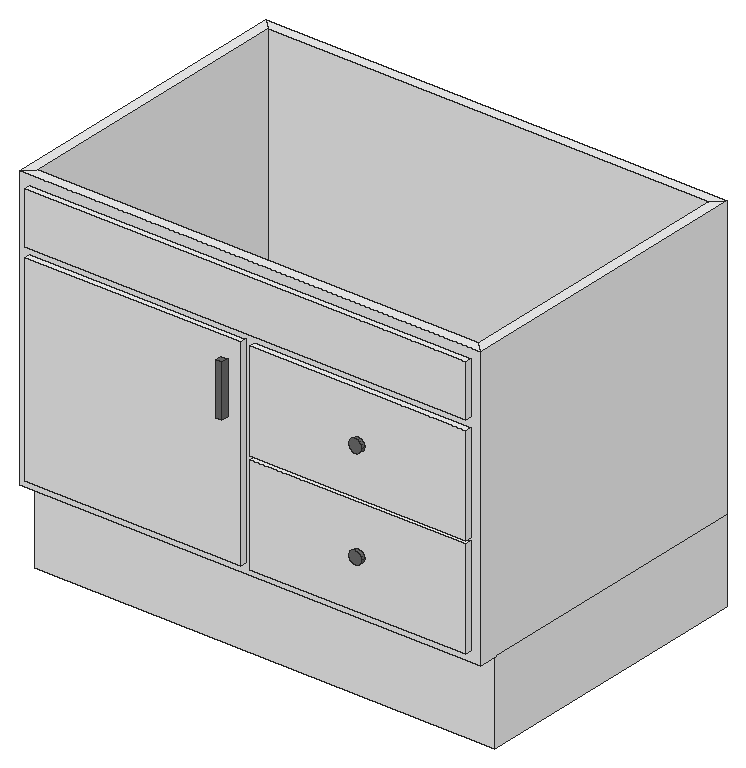
Revit family
Parameters (values of type "900mm")
  Cabinet Material = none
  Depth = 600 mm
  Door/Drawer Material = none
  Handle Material = Cabinets - Handles
  Height = 710 mm
  Plinth Depth = 35 mm
  Plinth Height = 160 mm
  Width = 900 mm
Types (4, lengths in mm): name | Width
  (no name) | 900
  900mm | 900
  1000mm | 1000
  1200mm | 1200
Reference planes
  plane 1 "Back": y = 0
  plane 2: z = 0
  plane 3 "Center": x = 94.938
  plane 4 "Left": x = -355.062
  plane 5 "Right": x = 544.938
  plane 6 "Front": y = -600
  plane 7 "Top": z = 710
  plane 8: y = -565
  plane 9: z = 160
  plane 10: z = 690.95
  plane 11: z = 179.05
  plane 12: x = -336.012
  plane 13: x = 525.888
  plane 14: z = 589.35
  plane 15: z = 570.3
  plane 16: z = 532.2
  plane 17: z = 430.6
  plane 18: x = 60.013
  plane 19: x = 47.313
  plane 20: x = 85.413
  plane 21: x = 104.463
  plane 22: x = 315.175
  plane 23: z = 472.488
  plane 24: z = 276.862
  plane 25: z = 374.675
  plane 26: z = 374.675
Forms (mm)
  Extrusion 1, solid, material "Cabinets"
    sketch origin (0, 0, 0) x (1, 0, 0) y (0, 1, 0)
      loop
        line (-355.062, 0) -> (-355.062, -565) -> (544.938, -565) -> (544.938, 0) -> (-355.062, 0)
    from 0 to 160
  Sweep 2, solid, material "Cabinets"
    path origin (0, 0, 0) x (1, 0, 0) y (0, 1, 0)
      loop
        line (544.938, 0) -> (-355.062, 0) -> (-355.062, -600) -> (544.938, -600) -> (544.938, 0)
    profile origin (0, -300, 0) x (1, 0, 0) y (0, 0, 1)
      loop
        line (544.938, 160) -> (544.938, 710) -> (525.888, 710) -> (525.888, 160) -> (544.938, 160)
  Extrusion 3, solid, material "Cabinets"
    sketch origin (0, 0, 0) x (1, 0, 0) y (0, 1, 0)
      loop
        line (-336.012, -19.05) -> (-336.012, -580.95) -> (525.888, -580.95) -> (525.888, -19.05) -> (-336.012, -19.05)
    from 179.05 to 160
  Extrusion 4, solid, material "Cabinets - Handles" <- "Handle Material"
    sketch origin (0, -600, 0) x (1, 0, 0) y (0, 0, 1)
      loop
        circle (315.175, 472.488) r 12.7
    from 12.7 to 19.05
  Extrusion 5, solid, material "Cabinets - Handles" <- "Handle Material"
    sketch origin (0, -600, 0) x (1, 0, 0) y (0, 0, 1)
      loop
        circle (315.175, 276.862) r 12.7
    from 12.7 to 19.05
  Extrusion 6, solid, material <- "Door/Drawer Material"
    sketch origin (0, -600, 0) x (1, 0, 0) y (0, 0, 1)
      loop
        line (-336.012, 690.95) -> (-336.012, 589.35) -> (525.888, 589.35) -> (525.888, 690.95) -> (-336.012, 690.95)
      loop
        line (-336.012, 570.3) -> (-336.012, 179.05) -> (85.413, 179.05) -> (85.413, 570.3) -> (-336.012, 570.3)
      loop
        line (525.888, 570.3) -> (104.463, 570.3) -> (104.463, 377.85) -> (525.888, 377.85) -> (525.888, 570.3)
      loop
        line (525.888, 179.05) -> (525.888, 371.5) -> (104.463, 371.5) -> (104.463, 179.05) -> (525.888, 179.05)
    from 0 to 12.7
  Extrusion 7, solid, material "Cabinets - Handles" <- "Handle Material"
    sketch origin (0, -600, 0) x (1, 0, 0) y (0, 0, 1)
      loop
        line (60.013, 430.6) -> (60.013, 532.2) -> (47.313, 532.2) -> (47.313, 430.6) -> (60.013, 430.6)
    from 12.7 to 25.4
Lines and regions (mm)
  symbolic lines, style "Plan Rep - Below"
    curve 1: line (544.938, -600, 0) -> (-355.062, -600, 0)
    curve 2: line (544.938, 0, 0) -> (544.938, -600, 0)
    curve 3: line (-355.062, 0, 0) -> (544.938, 0, 0)
    curve 4: line (-355.062, -600, 0) -> (-355.062, 0, 0)
  model lines
    curve 5: line (525.888, -600, 589.35) -> (-336.012, -600, 589.35)
    curve 6: line (525.888, -600, 690.95) -> (525.888, -600, 589.35)
    curve 7: line (-336.012, -600, 690.95) -> (525.888, -600, 690.95)
    curve 8: line (-336.012, -600, 589.35) -> (-336.012, -600, 690.95)
    curve 9: line (-336.012, -600, 570.3) -> (85.413, -600, 570.3)
    curve 10: line (-336.012, -600, 179.05) -> (-336.012, -600, 570.3)
    curve 11: line (47.313, -600, 532.2) -> (60.013, -600, 532.2)
    curve 12: line (47.313, -600, 430.6) -> (47.313, -600, 532.2)
    curve 13: line (60.013, -600, 430.6) -> (47.313, -600, 430.6)
    curve 14: line (60.013, -600, 532.2) -> (60.013, -600, 430.6)
    curve 15: line (85.413, -600, 179.05) -> (85.413, -600, 570.3)
    curve 16: line (85.413, -600, 179.05) -> (-336.012, -600, 179.05)
  model lines, style "Casework"
    curve 17: line (104.463, -600, 179.05) -> (525.888, -600, 179.05)
    curve 18: line (104.463, -600, 570.3) -> (104.463, -600, 179.05)
    curve 19: line (525.888, -600, 570.3) -> (104.463, -600, 570.3)
    curve 20: line (525.888, -600, 179.05) -> (525.888, -600, 570.3)
    curve 23: line (525.888, -600, 374.675) -> (104.463, -600, 374.675)
  model lines, style "Elevation Swing"
    curve 21: arc (302.475, -600, 276.862) -> (315.175, -600, 264.162) -> (327.875, -600, 276.862) r 12.7
    curve 22: arc (327.875, -600, 276.862) -> (315.175, -600, 289.562) -> (302.475, -600, 276.862) r 12.7
  symbolic lines, style "Elevation Swing"
    curve 24: line (85.413, 0, 570.3) -> (-336.012, 0, 374.675)
    curve 25: line (-336.012, 0, 374.675) -> (85.413, 0, 179.05)
Dimensions and locks
  "Depth": plane 6 "Front" to plane 1 "Back"
  "Width": plane 4 "Left" to plane 5 "Right"
  equal spacing: plane 4 "Left", plane 3 "Center", plane 5 "Right"
  "Height": level to plane 7 "Top"
  "Plinth Height": plane 2 to plane 9
  "Plinth Depth": plane 6 "Front" to plane 8
  locked: plane 4 "Left" to plane 12 at 19.05
  locked: plane 13 to plane 5 "Right" at 19.05
  locked: plane 7 "Top" to plane 10 at 19.05
  locked: plane 11 to plane 9 at 19.05
  plane 10 to plane 14 to plane 15 = 101.6 mm locked, 19.05 mm locked
  plane 15 to plane 16 to plane 17 = 38.1 mm locked, 101.6 mm locked
  plane 21 to plane 3 "Center" to plane 20 = 9.525 mm locked, 9.525 mm locked
  plane 20 to plane 18 to plane 19 = 25.4 mm locked, 12.7 mm locked
  equal spacing: plane 13, plane 22, plane 21
  locked: plane 2 to level at 0
  equal spacing: plane 14, plane 25, plane 9
  equal spacing: plane 25, plane 24, plane 11
  equal spacing: plane 15, plane 23, plane 25
  equal spacing: plane 15, plane 26, plane 11
  aligned and locked: plane 1 "Back" to Extrusion 1 sketch curve
  aligned and locked: Extrusion 1 sketch curve to plane 5 "Right"
  aligned and locked: Extrusion 1 sketch curve to plane 8
  aligned and locked: plane 4 "Left" to Extrusion 1 sketch curve
  aligned and locked: Extrusion 1 to level
  aligned and locked: Sweep 2 sketch curve to plane 6 "Front"
  aligned and locked: plane 1 "Back" to Sweep 2 sketch curve
  aligned and locked: Sweep 2 sketch curve to plane 5 "Right"  (x2)
  aligned and locked: plane 4 "Left" to Sweep 2 sketch curve
  aligned and locked: plane 7 "Top" to Sweep 2 sketch curve
  aligned and locked: Sweep 2 sketch curve to plane 9
  aligned and locked: Sweep 2 to Extrusion 3 sketch curve  (x2)
  aligned and locked: Extrusion 3 sketch curve to Sweep 2  (x2)
  aligned and locked: Extrusion 3 to plane 11
  aligned and locked: plane 9 to Extrusion 3
  aligned and locked: Extrusion 1 to plane 9
  aligned and locked: plane 21 to curve 17
  aligned and locked: plane 11 to curve 17
  aligned and locked: plane 15 to curve 20
  aligned and locked: curve 20 to Sweep 2
  aligned and locked: plane 25 to curve 23
Automatic sketch dimensions
  profile plane to Sweep 2 sketch curve = 19.05 mm
  curve 1 to plane 4 "Left" = 0 mm
  curve 3 to plane 1 "Back" = 0 mm
  curve 3 to plane 5 "Right" = 0 mm
  curve 1 to plane 6 "Front" = 0 mm
  Extrusion 4 sketch curve to plane 23 = 0 mm
  Extrusion 4 sketch curve to plane 22 = 0 mm
  Extrusion 4 sketch curve to Extrusion 4 sketch curve = 12.7 mm
  Extrusion 5 sketch curve to plane 24 = 0 mm
  Extrusion 5 sketch curve to plane 22 = 0 mm
  Extrusion 5 sketch curve to Extrusion 5 sketch curve = 12.7 mm
  Extrusion 6 sketch curve to plane 10 = 0 mm
  Extrusion 6 sketch curve to plane 12 = 0 mm  (x2)
  Extrusion 6 sketch curve to plane 11 = 0 mm  (x2)
  Extrusion 6 sketch curve to plane 20 = 0 mm
  Extrusion 6 sketch curve to plane 21 = 0 mm  (x2)
  Extrusion 6 sketch curve to plane 13 = 0 mm  (x3)
  Extrusion 6 sketch curve to plane 15 = 0 mm  (x2)
  Extrusion 6 sketch curve to plane 14 = 0 mm
  Extrusion 6 sketch curve to plane 25 = 3.175 mm
  plane 25 to Extrusion 6 sketch curve = 3.175 mm
  Extrusion 7 sketch curve to plane 17 = 0 mm
  Extrusion 7 sketch curve to plane 19 = 0 mm
  Extrusion 7 sketch curve to plane 16 = 0 mm
  Extrusion 7 sketch curve to plane 18 = 0 mm
  curve 5 to plane 13 = 0 mm
  curve 22 to plane 24 = 0 mm
  curve 21 to plane 22 = 0 mm
  curve 15 to plane 15 = 0 mm
  curve 15 to plane 20 = 0 mm
  curve 24 to plane 15 = 0 mm
  curve 24 to plane 20 = 0 mm
  curve 25 to plane 11 = 0 mm
  curve 25 to plane 20 = 0 mm
  curve 14 to plane 16 = 0 mm
  curve 14 to plane 18 = 0 mm
  curve 12 to plane 17 = 0 mm
  curve 12 to plane 19 = 0 mm
  curve 9 to plane 12 = 0 mm
  curve 8 to plane 10 = 0 mm
  curve 8 to plane 12 = 0 mm
  curve 24 to plane 12 = 0 mm
  curve 5 to plane 14 = 0 mm
  curve 25 to plane 25 = 0 mm
  curve 10 to plane 11 = 0 mm
  curve 22 to plane 22 = 12.7 mm
